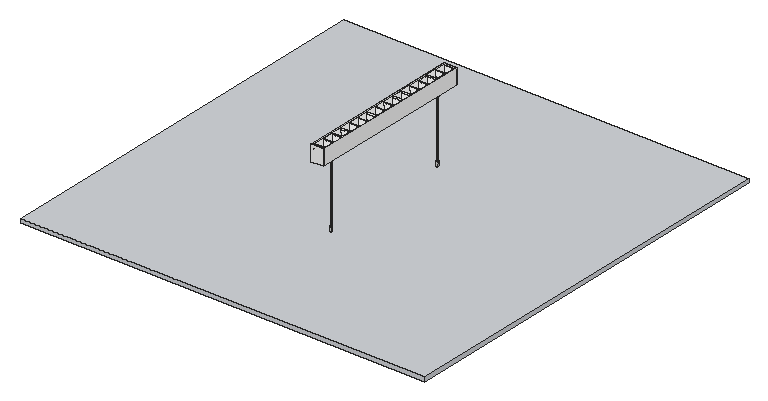
Revit family "Zumtobel SLOTLIGHT INF II MSC", category Lighting Fixtures, host Face, Revit 2018
Family settings
  Host = Face
  Round Connector Dimension = Use Diameter
  Part Type = Normal
  OmniClass Number = 23.80.70.11
  OmniClass Title = Luminaries for Internal Lighting
  Cut with Voids When Loaded = No
  Light Source = Yes
  Shared = No
  Room Calculation Point = No
Parameters (values of type "SLN2 MSC 3500-840 L1000 MC LDE WHM")
  Width = 76 mm  # constant formula
  Wattage = 23.8316 W
  built-in parameter 1150110 = 1 (stored number, unit not read)
  Voltage = 230 V
  URL = "http://www.zumtobel.com/42945583"
  Type Comments = "© Zumtobel. We reserve the right to make technical changes without prior notice."  # constant formula
  built-in parameter 1114217 = 1 (stored number, unit not read)
  Tilt Angle = -90.00°
  built-in parameter 1150109 = 1 (stored number, unit not read)
  built-in parameter 1150134 = 12
  Suspension Value [instance] = if(Suspension Height = 0 mm, 103 mm, if(Suspension Height < 0 mm, 103 mm, Suspension Height))  # 500 mm
  Suspension Height [instance] = 500 mm
  built-in parameter 1150113 = 1 (stored number, unit not read)
  SLN2-B = not(Minicell)  # no
  Photometric Web File = "42945583_(STD_LEO).IES"
  Opaque Cover [instance] = no
  Model = "42945583+22903548"
  Minicell = yes
  Manufacturer = "Zumtobel Lighting"  # constant formula
  built-in parameter 1150105 = 281.7 (stored number, unit not read)
  Lumens = 3540 lm
  built-in parameter 1150115 = 1 (stored number, unit not read)
  built-in parameter 1150137 = (empty or 0)
  built-in parameter 1150139 = (empty or 0)
  Length = 1000 mm
  built-in parameter 1150112 = 1 (stored number, unit not read)
  built-in parameter 1150114 = 1 (stored number, unit not read)
  Lamp = "LED"
  built-in parameter 1150132 = 2
  built-in parameter 1150102 = (empty or 0)
  built-in parameter 1150107 = 4000 (stored number, unit not read)
  built-in parameter 1150138 = (empty or 0)
  built-in parameter 1150106 = 2.817 (stored number, unit not read)
  Height = 92 mm  # constant formula
  End Cover 2 [instance] = yes
  End Cover 1 [instance] = yes
  Emit from Rectangle Width = Length  # 1000 mm
  Emit from Rectangle Length = 71 mm  # constant formula
  Emit Shape Visible in Rendering = no
  built-in parameter 1150104 = 13.8 (stored number, unit not read)
  Dimming Lamp Color Temperature Shift = <None>
  Description = "SLOTLIGHT Infinity II MSC"  # constant formula
  Default Elevation = 0 mm
  Color Filter = 16777215
  Body [instance] = Zumtobel_Metal_White
  built-in parameter 1114218 = 1 (stored number, unit not read)
  built-in parameter 1150133 = 10 (stored number, unit not read)
  Assembly Code = "D5020200"
  Apparent Load = 26.9 VA
Types (10, lengths in mm): name | Wattage | URL | SLN2-B | Photometric Web File | Model | Minicell | built-in parameter 1150105 | Lumens | Length | built-in parameter 1150106 | Emit from Rectangle Width | Apparent Load
  SLN2 MSC 1600-840 L1000 PC/PCO/DD LDE | 11.108 W | "http://www.zumtobel.com/42189218" | yes | "42189218_(840PC-4000K-diffuse_LEO).IES" | "42189218+22903548" | no | 131.3 (stored number, unit not read) | 1650 lm | 1000 | 1.313 (stored number, unit not read) | 1000 | 13.5 VA
  SLN2 MSC 3500-840 L2000 MC LDE WHM | 47.6633 W | "http://www.zumtobel.com/42945746" | no | "42945746_(STD_LEO).IES" | "42945746+22903552" | yes | 563.41 (stored number, unit not read) | 7080 lm | 2000 | 5.6341 (stored number, unit not read) | 2000 | 54.3 VA
  SLN2 MSC 3500-840 L1750 MC LDE WHM | 41.6717 W | "http://www.zumtobel.com/42945723" | no | "42945723_(STD_LEO).IES" | "42945723+22903551" | yes | 492.58 (stored number, unit not read) | 6190 lm | 1750 | 4.9258 (stored number, unit not read) | 1750 | 47 VA
  SLN2 MSC 3500-840 L1500 MC LDE WHM | 35.7475 W | "http://www.zumtobel.com/42945700" | no | "42945700_(STD_LEO).IES" | "42945700+22903550" | yes | 422.56 (stored number, unit not read) | 5310 lm | 1500 | 4.2256 (stored number, unit not read) | 1500 | 33.4 VA
  SLN2 MSC 1600-840 L2000 PC/PCO/DD LDE | 22.1486 W | "http://www.zumtobel.com/42189222" | yes | "42189222_(840PC-4000K-diffuse_LEO).IES" | "42189222+22903552" | no | 261.81 (stored number, unit not read) | 3290 lm | 2000 | 2.6181 (stored number, unit not read) | 2000 | 25.2 VA
  SLN2 MSC 1600-840 L1750 PC/PCO/DD LDE | 19.3885 W | "http://www.zumtobel.com/42189221" | yes | "42189221_(840PC-4000K-diffuse_LEO).IES" | "42189221+22903551" | no | 229.18 (stored number, unit not read) | 2880 lm | 1750 | 2.2918 (stored number, unit not read) | 1750 | 22.2 VA
  SLN2 MSC 1600-840 L1500 PC/PCO/DD LDE | 16.6283 W | "http://www.zumtobel.com/42189220" | yes | "42189220_(840PC-4000K-diffuse_LEO).IES" | "42189220+22903550" | no | 196.56 (stored number, unit not read) | 2470 lm | 1500 | 1.9656 (stored number, unit not read) | 1500 | 19.2 VA
  SLN2 MSC 1600-840 L1250 PC/PCO/DD LDE | 13.8681 W | "http://www.zumtobel.com/42189219" | yes | "42189219_(840PC-4000K-diffuse_LEO).IES" | "42189219+22903549" | no | 163.93 (stored number, unit not read) | 2060 lm | 1250 | 1.6393 (stored number, unit not read) | 1250 | 16.2 VA
  SLN2 MSC 3500-840 L1250 MC LDE WHM | 29.7559 W | "http://www.zumtobel.com/42945727" | no | "42945727_(STD_LEO).IES" | "42945727+22903549" | yes | 351.73 (stored number, unit not read) | 4420 lm | 1250 | 3.5173 (stored number, unit not read) | 1250 | 33.4 VA
  SLN2 MSC 3500-840 L1000 MC LDE WHM | 23.8316 W | "http://www.zumtobel.com/42945583" | no | "42945583_(STD_LEO).IES" | "42945583+22903548" | yes | 281.7 (stored number, unit not read) | 3540 lm | 1000 | 2.817 (stored number, unit not read) | 1000 | 26.9 VA
Reference planes
  plane 1 "Center (Front/Back)": y = 0
  plane 2 "Top": z = 0
  plane 3 "Center (Left/Right)": x = -0.5
  plane 4: y = 500
  plane 5: y = -500
  plane 6: z = 500
  plane 7: y = 400
Forms (mm)
  Extrusion 1, solid
    sketch origin (0, 0, 0) x (1, 0, 0) y (0, 1, 0)
      loop
        line (-1219.2, 1219.2) -> (-1219.2, -1219.2) -> (1219.2, -1219.2) -> (1219.2, 1219.2) -> (-1219.2, 1219.2)
    from 0 to -25
Dimensions and locks
  equal spacing: plane 4, plane 1 "Center (Front/Back)", plane 5
  "Length": plane 4 to plane 5
  "Suspension Value": plane 6 to plane 2 "Top"
  locked: plane 4 to plane 7 at 100
  locked: connector elem to plane 7
  aligned and locked: plane 2 "Top" to Extrusion 1
  aligned and locked: level to Extrusion 1
  aligned and locked: plane 3 "Center (Left/Right)" to nested 1
  aligned and locked: nested 1 to plane 1 "Center (Front/Back)"
  aligned: imposter light to nested 1
  aligned and locked: plane 3 "Center (Left/Right)" to imposter light
  aligned and locked: imposter light to plane 6
  aligned and locked: plane 2 "Top" to nested 1
Automatic sketch dimensions
  Extrusion 1 sketch curve to Extrusion 1 sketch curve = 2438.4 mm  (x2)
Nested families
  nested 1: "Zumtobel SLOTLIGHT - Body" at (199.5, 197.576, 120), Suspension Height <- "Suspension Height", Cover 1 <- "End Cover 1", Cover 2 <- "End Cover 2", Opaque Cover <- "Opaque Cover", Body <- "Body", type "Zumtobel SLOTLIGHT - Body"
    with Suspension Value 500 mm, Suspension Length 408 mm, Suspension Height 500 mm, Suspension yes, Opaque Cover no, Frame no, Cover 2 yes, Cover 1 yes, Cover Zumtobel_Plastics_Cover_Opaque, Color Light Emitting Surface Zumtobel_PMMA_White, Body Zumtobel_Metal_White, Minicell yes, MSC no
Connectors
  electrical at (-0.5, 400, 0), driven by "Apparent Load", driven by "Voltage", driven by "Apparent Load"
    settings: index 1, voltage 230 V, apparent load 26.9 VA, apparent load phase1 26.9 VA, apparent load phase2 0 VA, apparent load phase3 0 VA, power factor 1, load classification "Lighting", number of poles 1, system type 30, power factor state 1, is connector primary yes, connector utility no, sub classification motor no, connector description "Power"
Definition of nested family "Zumtobel SLOTLIGHT - Body"
  Parameters (values of type "Zumtobel SLOTLIGHT - Body")
    Width = 76 mm
    Voltage = 0
    URL = ""
    Suspension Value [instance] = if(Suspension Height = 0 mm, 103 mm, Suspension Height)  # 250 mm
    Suspension Length [instance] = if(Suspension Height = 0 mm, 500 mm, Suspension Height - 92 mm)  # 158 mm
    Suspension Height [instance] = 250 mm
    Suspension [instance] = not(or(Suspension Height < 0 mm, Suspension Height = 0 mm))  # yes
    Opaque Cover [instance] = yes
    Model = ""
    Minicell = no
    Manufacturer = "Zumtobel Lighting"
    MSC = yes
    Length = 1000 mm
    Lamp = ""
    Frame [instance] = yes
    Emit Shape Visible in Rendering = no
    Description = ""
    Cover 2 [instance] = yes
    Cover 1 [instance] = yes
    Cover [instance] = none
    Color Light Emitting Surface [instance] = none
    Body [instance] = none
    Assembly Code = "D5020200"
    Apparent Load = 0 VA
  Reference planes
    plane 1 "Bottom Body": z = 380
    plane 2 "Center (Left/Right)": x = -200
    plane 3 "Center (Front/Back)": y = -197.576
    plane 4 "Light Source Axis 1": y = -382.129
    plane 5 "Back": y = 302.424
    plane 6 "Front": y = -697.576
    plane 7: x = -162
    plane 8: x = -238
    plane 9 "Top": z = 130
    plane 10 "Bottom": z = -120
    plane 11 "Suspension 2": y = 202.424
    plane 12 "Suspension 1": y = -597.576
    plane 13: z = 357
    plane 14: z = 38
    plane 15: z = 38
    plane 16: z = 27
    plane 17: z = 4
    plane 18 "Cut": z = 127.5
    plane 19: y = -1142.576
    plane 20: y = -1202.576
    plane 21: y = -1152.576
    plane 22: y = -1192.576
    plane 23: y = -1127.576
    plane 24: y = -1087.576
    plane 25: y = -1077.576
    plane 26: y = -1137.576
    plane 27: y = -1062.576
    plane 28: y = -1022.576
    plane 29: y = -1012.576
    plane 30: y = -1072.576
    plane 31: y = -997.576
    plane 32: y = -957.576
    plane 33: y = -947.576
    plane 34: y = -1007.576
    plane 35: y = -932.576
    plane 36: y = -892.576
    plane 37: y = -882.576
    plane 38: y = -942.576
    plane 39: y = -867.576
    plane 40: y = -827.576
    plane 41: y = -817.576
    plane 42: y = -877.576
    plane 43: y = -802.576
    plane 44: y = -762.576
    plane 45: y = -752.576
    plane 46: y = -812.576
    plane 47: y = -737.576
    plane 48: y = -697.576
    plane 49: y = -687.576
    plane 50: y = -747.576
    plane 51: y = -672.576
    plane 52: y = -632.576
    plane 53: y = -622.576
    plane 54: y = -682.576
    plane 55: y = -607.576
    plane 56: y = -567.576
    plane 57: y = -557.576
    plane 58: y = -617.576
    plane 59: y = -542.576
    plane 60: y = -502.576
    plane 61: y = -492.576
    plane 62: y = -552.576
    plane 63: y = -477.576
    plane 64: y = -437.576
    plane 65: y = -427.576
    plane 66: y = -487.576
    plane 67: y = -412.576
    plane 68: y = -372.576
    plane 69: y = -362.576
    plane 70: y = -422.576
    plane 71: y = -347.576
    plane 72: y = -307.576
    plane 73: y = -297.576
    plane 74: y = -357.576
    plane 75: y = -282.576
    plane 76: y = -242.576
    plane 77: y = -232.576
    plane 78: y = -292.576
    plane 79: y = -217.576
    plane 80: y = -177.576
    plane 81: y = -167.576
    plane 82: y = -227.576
    plane 83: y = -152.576
    plane 84: y = -112.576
    plane 85: y = -102.576
    plane 86: y = -162.576
    plane 87: y = -87.576
    plane 88: y = -47.576
    plane 89: y = -37.576
    plane 90: y = -97.576
    plane 91: y = -22.576
    plane 92: y = 17.424
    plane 93: y = 27.424
    plane 94: y = -32.576
    plane 95: y = 42.424
    plane 96: y = 82.424
    plane 97: y = 92.424
    plane 98: y = 32.424
    plane 99: y = 107.424
    plane 100: y = 147.424
    plane 101: y = 157.424
    plane 102: y = 97.424
    plane 103: y = 172.424
    plane 104: y = 212.424
    plane 105: y = 222.424
    plane 106: y = 162.424
    plane 107: y = 237.424
    plane 108: y = 277.424
    plane 109: y = 287.424
    plane 110: y = 227.424
    plane 111: y = 302.424
    plane 112: y = 342.424
    plane 113: y = 352.424
    plane 114: y = 292.424
    plane 115: y = 367.424
    plane 116: y = 407.424
    plane 117: y = 417.424
    plane 118: y = 357.424
    plane 119: y = 432.424
    plane 120: y = 472.424
    plane 121: y = 482.424
    plane 122: y = 422.424
    plane 123: y = 497.424
    plane 124: y = 537.424
    plane 125: y = 547.424
    plane 126: y = 487.424
    plane 127: y = 562.424
    plane 128: y = 602.424
    plane 129: y = 612.424
    plane 130: y = 627.424
    plane 131: y = 667.424
    plane 132: y = 677.424
    plane 133: y = 692.424
    plane 134: y = 732.424
    plane 135: y = 742.424
    plane 136: y = 757.424
    plane 137: y = 797.424
    plane 138: y = 807.424
    plane 139 "2": y = 212.424
    plane 140 "3": y = 192.424
    plane 141 "4": y = -607.576
    plane 142 "5": y = -587.576
    plane 143: z = -95
    plane 144 "6": y = -700.576
    plane 145 "7": y = 305.424
  Forms (mm)
    Extrusion 1, solid, visible <- "Suspension", detail levels medium+fine
      sketch origin (0, 0, -120) x (1, 0, 0) y (0, 1, 0)
        loop
          circle (-200, 202.424) r 1.5
        loop
          circle (-200, -597.576) r 1.5
      from 25 to 124
    Extrusion 2, solid, visible <- "Suspension", detail levels medium+fine
      sketch origin (0, 0, -40) x (1, 0, 0) y (0, 1, 0)
        loop
          circle (-200, 202.424) r 5
        loop
          circle (-200, -597.576) r 5
      from 44 to 67
    Sweep 3, solid, material <- "Body", visible <- "MSC", detail levels medium+fine
      path origin (0, 0, 130) x (-1, 0, 0) y (0, -1, 0)
        loop
          line (200, 697.576) -> (200, -302.424)
      profile "Zumtobel SLOTLIGHT INF Profile : Zumtobel SLOTLIGHT INF Profile" origin (-200, -197.576, 130) x (-1, 0, 0) y (0, 0, 1)
        loop
          line (-38, -92) -> (-35.5, -92) -> (-35.5, -87) -> (35.5, -87) -> (35.5, -92) -> (38, -92) -> (38, 0) -> (35.5, 0) -> (35.5, -5) -> (33, -5) -> (33, -2.5) -> (-33, -2.5) -> (-33, -5) -> (-35.5, -5) -> (-35.5, 0) -> (-38, 0) -> (-38, -92)
    Sweep 4, solid, detail levels medium+fine
      path origin (0, 0, 130) x (-1, 0, 0) y (0, -1, 0)
        loop
          line (200, -192.424) -> (200, -212.424)
      profile "Zumtobel SLOTLIGHT INF Clip Profile : Zumtobel SLOTLIGHT INF Clip Profile" origin (-200, 202.424, 130) x (-1, 0, 0) y (0, 0, 1)
        loop
          line (-20.008, -87) -> (-20.008, -92) -> (-13.657, -103) -> (13.657, -103) -> (20.008, -92) -> (20.008, -87) -> (-20.008, -87)
    Sweep 5, solid, detail levels medium+fine
      path origin (0, -395.153, 130) x (-1, 0, 0) y (0, 1, 0)
        loop
          line (200, -192.424) -> (200, -212.424)
      profile "Zumtobel SLOTLIGHT INF Clip Profile : Zumtobel SLOTLIGHT INF Clip Profile" origin (-200, -597.576, 130) x (1, 0, 0) y (0, 0, 1)
        loop
          line (20.008, -87) -> (-20.008, -87) -> (-20.008, -92) -> (-13.657, -103) -> (13.657, -103) -> (20.008, -92) -> (20.008, -87)
    Sweep 6, solid, material <- "Body", visible <- "Cover 2", detail levels medium+fine
      path origin (0, 0, 130) x (-1, 0, 0) y (0, -1, 0)
        loop
          line (200, -302.424) -> (200, -305.424)
      profile "Zumtobel SLOTLIGHT INF Cover : Zumtobel SLOTLIGHT INF Cover" origin (-200, 303.924, 130) x (-1, 0, 0) y (0, 0, 1)
        loop
          line (-38, -92) -> (38, -92) -> (38, 0) -> (-38, 0) -> (-38, -92)
    Sweep 7, solid, material <- "Body", visible <- "Cover 1", detail levels medium+fine
      path origin (0, -395.153, 130) x (-1, 0, 0) y (0, 1, 0)
        loop
          line (200, -302.424) -> (200, -305.424)
      profile "Zumtobel SLOTLIGHT INF Cover : Zumtobel SLOTLIGHT INF Cover" origin (-200, -699.076, 130) x (1, 0, 0) y (0, 0, 1)
        loop
          line (38, -92) -> (38, 0) -> (-38, 0) -> (-38, -92) -> (38, -92)
    Sweep 8, solid, material <- "Body", visible <- "Minicell", detail levels medium+fine
      path origin (0, 0, 130) x (-1, 0, 0) y (0, -1, 0)
        loop
          line (200, 697.576) -> (200, -302.424)
      profile "Zumtobel SLOTLIGHT INF Profile : Zumtobel SLOTLIGHT INF Profile" origin (-200, -197.576, 130) x (-1, 0, 0) y (0, 0, 1)
        loop
          line (-38, -92) -> (-35.5, -92) -> (-35.5, -87) -> (35.5, -87) -> (35.5, -92) -> (38, -92) -> (38, 0) -> (35.5, 0) -> (35.5, -5) -> (33, -5) -> (33, -2.5) -> (-33, -2.5) -> (-33, -5) -> (-35.5, -5) -> (-35.5, 0) -> (-38, 0) -> (-38, -92)
    Blend 9, void
      base sketch origin (-1000, 0, 127.5) x (-1, 0, 0) y (0, -1, 0)
        loop
          line (-770.305, 1202.576) -> (-830.305, 1202.576) -> (-830.305, 1142.576) -> (-770.305, 1142.576) -> (-770.305, 1202.576)
      top sketch origin (-1000, 0, 127.5) x (-1, 0, 0) y (0, -1, 0)
        loop
          line (-780.305, 1192.576) -> (-820.305, 1192.576) -> (-820.305, 1152.576) -> (-780.305, 1152.576) -> (-780.305, 1192.576)
      from 0 to -30
    Blend 10, void
      base sketch origin (-1000, 0, 127.5) x (-1, 0, 0) y (0, -1, 0)
        loop
          line (-770.305, 1137.576) -> (-830.305, 1137.576) -> (-830.305, 1077.576) -> (-770.305, 1077.576) -> (-770.305, 1137.576)
      top sketch origin (-1000, 0, 127.5) x (-1, 0, 0) y (0, -1, 0)
        loop
          line (-780.305, 1127.576) -> (-820.305, 1127.576) -> (-820.305, 1087.576) -> (-780.305, 1087.576) -> (-780.305, 1127.576)
      from 0 to -30
    Blend 11, void
      base sketch origin (-1000, 65, 127.5) x (-1, 0, 0) y (0, -1, 0)
        loop
          line (-770.305, 1137.576) -> (-830.305, 1137.576) -> (-830.305, 1077.576) -> (-770.305, 1077.576) -> (-770.305, 1137.576)
      top sketch origin (-1000, 65, 127.5) x (-1, 0, 0) y (0, -1, 0)
        loop
          line (-780.305, 1127.576) -> (-820.305, 1127.576) -> (-820.305, 1087.576) -> (-780.305, 1087.576) -> (-780.305, 1127.576)
      from 0 to -30
    Blend 12, void
      base sketch origin (-1000, 130, 127.5) x (-1, 0, 0) y (0, -1, 0)
        loop
          line (-770.305, 1137.576) -> (-830.305, 1137.576) -> (-830.305, 1077.576) -> (-770.305, 1077.576) -> (-770.305, 1137.576)
      top sketch origin (-1000, 130, 127.5) x (-1, 0, 0) y (0, -1, 0)
        loop
          line (-780.305, 1127.576) -> (-820.305, 1127.576) -> (-820.305, 1087.576) -> (-780.305, 1087.576) -> (-780.305, 1127.576)
      from 0 to -30
    Blend 13, void
      base sketch origin (-1000, 195, 127.5) x (-1, 0, 0) y (0, -1, 0)
        loop
          line (-770.305, 1137.576) -> (-830.305, 1137.576) -> (-830.305, 1077.576) -> (-770.305, 1077.576) -> (-770.305, 1137.576)
      top sketch origin (-1000, 195, 127.5) x (-1, 0, 0) y (0, -1, 0)
        loop
          line (-780.305, 1127.576) -> (-820.305, 1127.576) -> (-820.305, 1087.576) -> (-780.305, 1087.576) -> (-780.305, 1127.576)
      from 0 to -30
    Blend 14, void
      base sketch origin (-1000, 260, 127.5) x (-1, 0, 0) y (0, -1, 0)
        loop
          line (-770.305, 1137.576) -> (-830.305, 1137.576) -> (-830.305, 1077.576) -> (-770.305, 1077.576) -> (-770.305, 1137.576)
      top sketch origin (-1000, 260, 127.5) x (-1, 0, 0) y (0, -1, 0)
        loop
          line (-780.305, 1127.576) -> (-820.305, 1127.576) -> (-820.305, 1087.576) -> (-780.305, 1087.576) -> (-780.305, 1127.576)
      from 0 to -30
    Blend 15, void
      base sketch origin (-1000, 325, 127.5) x (-1, 0, 0) y (0, -1, 0)
        loop
          line (-770.305, 1137.576) -> (-830.305, 1137.576) -> (-830.305, 1077.576) -> (-770.305, 1077.576) -> (-770.305, 1137.576)
      top sketch origin (-1000, 325, 127.5) x (-1, 0, 0) y (0, -1, 0)
        loop
          line (-780.305, 1127.576) -> (-820.305, 1127.576) -> (-820.305, 1087.576) -> (-780.305, 1087.576) -> (-780.305, 1127.576)
      from 0 to -30
    Blend 16, void
      base sketch origin (-1000, 390, 127.5) x (-1, 0, 0) y (0, -1, 0)
        loop
          line (-770.305, 1137.576) -> (-830.305, 1137.576) -> (-830.305, 1077.576) -> (-770.305, 1077.576) -> (-770.305, 1137.576)
      top sketch origin (-1000, 390, 127.5) x (-1, 0, 0) y (0, -1, 0)
        loop
          line (-780.305, 1127.576) -> (-820.305, 1127.576) -> (-820.305, 1087.576) -> (-780.305, 1087.576) -> (-780.305, 1127.576)
      from 0 to -30
    Blend 17, void
      base sketch origin (-1000, 455, 127.5) x (-1, 0, 0) y (0, -1, 0)
        loop
          line (-770.305, 1137.576) -> (-830.305, 1137.576) -> (-830.305, 1077.576) -> (-770.305, 1077.576) -> (-770.305, 1137.576)
      top sketch origin (-1000, 455, 127.5) x (-1, 0, 0) y (0, -1, 0)
        loop
          line (-780.305, 1127.576) -> (-820.305, 1127.576) -> (-820.305, 1087.576) -> (-780.305, 1087.576) -> (-780.305, 1127.576)
      from 0 to -30
    Blend 18, void
      base sketch origin (-1000, 520, 127.5) x (-1, 0, 0) y (0, -1, 0)
        loop
          line (-770.305, 1137.576) -> (-830.305, 1137.576) -> (-830.305, 1077.576) -> (-770.305, 1077.576) -> (-770.305, 1137.576)
      top sketch origin (-1000, 520, 127.5) x (-1, 0, 0) y (0, -1, 0)
        loop
          line (-780.305, 1127.576) -> (-820.305, 1127.576) -> (-820.305, 1087.576) -> (-780.305, 1087.576) -> (-780.305, 1127.576)
      from 0 to -30
    Blend 19, void
      base sketch origin (-1000, 585, 127.5) x (-1, 0, 0) y (0, -1, 0)
        loop
          line (-770.305, 1137.576) -> (-830.305, 1137.576) -> (-830.305, 1077.576) -> (-770.305, 1077.576) -> (-770.305, 1137.576)
      top sketch origin (-1000, 585, 127.5) x (-1, 0, 0) y (0, -1, 0)
        loop
          line (-780.305, 1127.576) -> (-820.305, 1127.576) -> (-820.305, 1087.576) -> (-780.305, 1087.576) -> (-780.305, 1127.576)
      from 0 to -30
    Blend 20, void
      base sketch origin (-1000, 650, 127.5) x (-1, 0, 0) y (0, -1, 0)
        loop
          line (-770.305, 1137.576) -> (-830.305, 1137.576) -> (-830.305, 1077.576) -> (-770.305, 1077.576) -> (-770.305, 1137.576)
      top sketch origin (-1000, 650, 127.5) x (-1, 0, 0) y (0, -1, 0)
        loop
          line (-780.305, 1127.576) -> (-820.305, 1127.576) -> (-820.305, 1087.576) -> (-780.305, 1087.576) -> (-780.305, 1127.576)
      from 0 to -30
    Blend 21, void
      base sketch origin (-1000, 715, 127.5) x (-1, 0, 0) y (0, -1, 0)
        loop
          line (-770.305, 1137.576) -> (-830.305, 1137.576) -> (-830.305, 1077.576) -> (-770.305, 1077.576) -> (-770.305, 1137.576)
      top sketch origin (-1000, 715, 127.5) x (-1, 0, 0) y (0, -1, 0)
        loop
          line (-780.305, 1127.576) -> (-820.305, 1127.576) -> (-820.305, 1087.576) -> (-780.305, 1087.576) -> (-780.305, 1127.576)
      from 0 to -30
    Blend 22, void
      base sketch origin (-1000, 780, 127.5) x (-1, 0, 0) y (0, -1, 0)
        loop
          line (-770.305, 1137.576) -> (-830.305, 1137.576) -> (-830.305, 1077.576) -> (-770.305, 1077.576) -> (-770.305, 1137.576)
      top sketch origin (-1000, 780, 127.5) x (-1, 0, 0) y (0, -1, 0)
        loop
          line (-780.305, 1127.576) -> (-820.305, 1127.576) -> (-820.305, 1087.576) -> (-780.305, 1087.576) -> (-780.305, 1127.576)
      from 0 to -30
    Blend 23, void
      base sketch origin (-1000, 845, 127.5) x (-1, 0, 0) y (0, -1, 0)
        loop
          line (-770.305, 1137.576) -> (-830.305, 1137.576) -> (-830.305, 1077.576) -> (-770.305, 1077.576) -> (-770.305, 1137.576)
      top sketch origin (-1000, 845, 127.5) x (-1, 0, 0) y (0, -1, 0)
        loop
          line (-780.305, 1127.576) -> (-820.305, 1127.576) -> (-820.305, 1087.576) -> (-780.305, 1087.576) -> (-780.305, 1127.576)
      from 0 to -30
    Blend 24, void
      base sketch origin (-1000, 910, 127.5) x (-1, 0, 0) y (0, -1, 0)
        loop
          line (-770.305, 1137.576) -> (-830.305, 1137.576) -> (-830.305, 1077.576) -> (-770.305, 1077.576) -> (-770.305, 1137.576)
      top sketch origin (-1000, 910, 127.5) x (-1, 0, 0) y (0, -1, 0)
        loop
          line (-780.305, 1127.576) -> (-820.305, 1127.576) -> (-820.305, 1087.576) -> (-780.305, 1087.576) -> (-780.305, 1127.576)
      from 0 to -30
    Blend 25, void
      base sketch origin (-1000, 975, 127.5) x (-1, 0, 0) y (0, -1, 0)
        loop
          line (-770.305, 1137.576) -> (-830.305, 1137.576) -> (-830.305, 1077.576) -> (-770.305, 1077.576) -> (-770.305, 1137.576)
      top sketch origin (-1000, 975, 127.5) x (-1, 0, 0) y (0, -1, 0)
        loop
          line (-780.305, 1127.576) -> (-820.305, 1127.576) -> (-820.305, 1087.576) -> (-780.305, 1087.576) -> (-780.305, 1127.576)
      from 0 to -30
    Blend 26, void
      base sketch origin (-1000, 1040, 127.5) x (-1, 0, 0) y (0, -1, 0)
        loop
          line (-770.305, 1137.576) -> (-830.305, 1137.576) -> (-830.305, 1077.576) -> (-770.305, 1077.576) -> (-770.305, 1137.576)
      top sketch origin (-1000, 1040, 127.5) x (-1, 0, 0) y (0, -1, 0)
        loop
          line (-780.305, 1127.576) -> (-820.305, 1127.576) -> (-820.305, 1087.576) -> (-780.305, 1087.576) -> (-780.305, 1127.576)
      from 0 to -30
    Blend 27, void
      base sketch origin (-1000, 1105, 127.5) x (-1, 0, 0) y (0, -1, 0)
        loop
          line (-770.305, 1137.576) -> (-830.305, 1137.576) -> (-830.305, 1077.576) -> (-770.305, 1077.576) -> (-770.305, 1137.576)
      top sketch origin (-1000, 1105, 127.5) x (-1, 0, 0) y (0, -1, 0)
        loop
          line (-780.305, 1127.576) -> (-820.305, 1127.576) -> (-820.305, 1087.576) -> (-780.305, 1087.576) -> (-780.305, 1127.576)
      from 0 to -30
    Blend 28, void
      base sketch origin (-1000, 1170, 127.5) x (-1, 0, 0) y (0, -1, 0)
        loop
          line (-770.305, 1137.576) -> (-830.305, 1137.576) -> (-830.305, 1077.576) -> (-770.305, 1077.576) -> (-770.305, 1137.576)
      top sketch origin (-1000, 1170, 127.5) x (-1, 0, 0) y (0, -1, 0)
        loop
          line (-780.305, 1127.576) -> (-820.305, 1127.576) -> (-820.305, 1087.576) -> (-780.305, 1087.576) -> (-780.305, 1127.576)
      from 0 to -30
    Blend 29, void
      base sketch origin (-1000, 1235, 127.5) x (-1, 0, 0) y (0, -1, 0)
        loop
          line (-770.305, 1137.576) -> (-830.305, 1137.576) -> (-830.305, 1077.576) -> (-770.305, 1077.576) -> (-770.305, 1137.576)
      top sketch origin (-1000, 1235, 127.5) x (-1, 0, 0) y (0, -1, 0)
        loop
          line (-780.305, 1127.576) -> (-820.305, 1127.576) -> (-820.305, 1087.576) -> (-780.305, 1087.576) -> (-780.305, 1127.576)
      from 0 to -30
    Blend 30, void
      base sketch origin (-1000, 1300, 127.5) x (-1, 0, 0) y (0, -1, 0)
        loop
          line (-770.305, 1137.576) -> (-830.305, 1137.576) -> (-830.305, 1077.576) -> (-770.305, 1077.576) -> (-770.305, 1137.576)
      top sketch origin (-1000, 1300, 127.5) x (-1, 0, 0) y (0, -1, 0)
        loop
          line (-780.305, 1127.576) -> (-820.305, 1127.576) -> (-820.305, 1087.576) -> (-780.305, 1087.576) -> (-780.305, 1127.576)
      from 0 to -30
    Blend 31, void
      base sketch origin (-1000, 1365, 127.5) x (-1, 0, 0) y (0, -1, 0)
        loop
          line (-770.305, 1137.576) -> (-830.305, 1137.576) -> (-830.305, 1077.576) -> (-770.305, 1077.576) -> (-770.305, 1137.576)
      top sketch origin (-1000, 1365, 127.5) x (-1, 0, 0) y (0, -1, 0)
        loop
          line (-780.305, 1127.576) -> (-820.305, 1127.576) -> (-820.305, 1087.576) -> (-780.305, 1087.576) -> (-780.305, 1127.576)
      from 0 to -30
    Blend 32, void
      base sketch origin (-1000, 1430, 127.5) x (-1, 0, 0) y (0, -1, 0)
        loop
          line (-770.305, 1137.576) -> (-830.305, 1137.576) -> (-830.305, 1077.576) -> (-770.305, 1077.576) -> (-770.305, 1137.576)
      top sketch origin (-1000, 1430, 127.5) x (-1, 0, 0) y (0, -1, 0)
        loop
          line (-780.305, 1127.576) -> (-820.305, 1127.576) -> (-820.305, 1087.576) -> (-780.305, 1087.576) -> (-780.305, 1127.576)
      from 0 to -30
    Blend 33, void
      base sketch origin (-1000, 1495, 127.5) x (-1, 0, 0) y (0, -1, 0)
        loop
          line (-770.305, 1137.576) -> (-830.305, 1137.576) -> (-830.305, 1077.576) -> (-770.305, 1077.576) -> (-770.305, 1137.576)
      top sketch origin (-1000, 1495, 127.5) x (-1, 0, 0) y (0, -1, 0)
        loop
          line (-780.305, 1127.576) -> (-820.305, 1127.576) -> (-820.305, 1087.576) -> (-780.305, 1087.576) -> (-780.305, 1127.576)
      from 0 to -30
    Blend 34, void
      base sketch origin (-1000, 1560, 127.5) x (-1, 0, 0) y (0, -1, 0)
        loop
          line (-770.305, 1137.576) -> (-830.305, 1137.576) -> (-830.305, 1077.576) -> (-770.305, 1077.576) -> (-770.305, 1137.576)
      top sketch origin (-1000, 1560, 127.5) x (-1, 0, 0) y (0, -1, 0)
        loop
          line (-780.305, 1127.576) -> (-820.305, 1127.576) -> (-820.305, 1087.576) -> (-780.305, 1087.576) -> (-780.305, 1127.576)
      from 0 to -30
    Blend 35, void
      base sketch origin (-1000, 1625, 127.5) x (-1, 0, 0) y (0, -1, 0)
        loop
          line (-770.305, 1137.576) -> (-830.305, 1137.576) -> (-830.305, 1077.576) -> (-770.305, 1077.576) -> (-770.305, 1137.576)
      top sketch origin (-1000, 1625, 127.5) x (-1, 0, 0) y (0, -1, 0)
        loop
          line (-780.305, 1127.576) -> (-820.305, 1127.576) -> (-820.305, 1087.576) -> (-780.305, 1087.576) -> (-780.305, 1127.576)
      from 0 to -30
    Blend 36, void
      base sketch origin (-1000, 1690, 127.5) x (-1, 0, 0) y (0, -1, 0)
        loop
          line (-770.305, 1137.576) -> (-830.305, 1137.576) -> (-830.305, 1077.576) -> (-770.305, 1077.576) -> (-770.305, 1137.576)
      top sketch origin (-1000, 1690, 127.5) x (-1, 0, 0) y (0, -1, 0)
        loop
          line (-780.305, 1127.576) -> (-820.305, 1127.576) -> (-820.305, 1087.576) -> (-780.305, 1087.576) -> (-780.305, 1127.576)
      from 0 to -30
    Blend 37, void
      base sketch origin (-1000, 1755, 127.5) x (-1, 0, 0) y (0, -1, 0)
        loop
          line (-770.305, 1137.576) -> (-830.305, 1137.576) -> (-830.305, 1077.576) -> (-770.305, 1077.576) -> (-770.305, 1137.576)
      top sketch origin (-1000, 1755, 127.5) x (-1, 0, 0) y (0, -1, 0)
        loop
          line (-780.305, 1127.576) -> (-820.305, 1127.576) -> (-820.305, 1087.576) -> (-780.305, 1087.576) -> (-780.305, 1127.576)
      from 0 to -30
    Blend 38, void
      base sketch origin (-1000, 1820, 127.5) x (-1, 0, 0) y (0, -1, 0)
        loop
          line (-770.305, 1137.576) -> (-830.305, 1137.576) -> (-830.305, 1077.576) -> (-770.305, 1077.576) -> (-770.305, 1137.576)
      top sketch origin (-1000, 1820, 127.5) x (-1, 0, 0) y (0, -1, 0)
        loop
          line (-780.305, 1127.576) -> (-820.305, 1127.576) -> (-820.305, 1087.576) -> (-780.305, 1087.576) -> (-780.305, 1127.576)
      from 0 to -30
    Blend 39, void
      base sketch origin (-1000, 1885, 127.5) x (-1, 0, 0) y (0, -1, 0)
        loop
          line (-770.305, 1137.576) -> (-830.305, 1137.576) -> (-830.305, 1077.576) -> (-770.305, 1077.576) -> (-770.305, 1137.576)
      top sketch origin (-1000, 1885, 127.5) x (-1, 0, 0) y (0, -1, 0)
        loop
          line (-780.305, 1127.576) -> (-820.305, 1127.576) -> (-820.305, 1087.576) -> (-780.305, 1087.576) -> (-780.305, 1127.576)
      from 0 to -30
    Sweep 40, solid, material <- "Cover", visible <- "Opaque Cover", detail levels medium+fine
      path origin (-100, 0, 130) x (-1, 0, 0) y (0, -1, 0)
        loop
          line (100, 697.576) -> (100, -302.424)
      profile "Zumtobel SLOTLIGHT INF Profile Opaque Cover : Zumtobel SLOTLIGHT INF Profile Opaque Cover" origin (-200, -197.576, 130) x (-1, 0, 0) y (0, 0, 1)
        loop
          line (-35.5, -2.5) -> (35.5, -2.5) -> (35.5, 0) -> (-35.5, 0) -> (-35.5, -2.5)
    Extrusion 41, solid, visible <- "Suspension", detail levels medium+fine
      sketch origin (0, 0, -145) x (1, 0, 0) y (0, 1, 0)
        loop
          circle (-200, 202.424) r 5
        loop
          circle (-200, -597.576) r 5
      from 25 to 50
  Cuts and joins
    Blend 9, Blend 10, Blend 11, Blend 12, Blend 13, Blend 14, Blend 15, Blend 16, Blend 17, Blend 18, Blend 19, Blend 20, Blend 21, Blend 22, Blend 23, Blend 24, Blend 25, Blend 26, Blend 27, Blend 28, Blend 29, Blend 30, Blend 31, Blend 32, Blend 33, Blend 34, Blend 35, Blend 36, Blend 37, Blend 38, Blend 39 cuts Sweep 8
  Lines and regions (mm)
    symbolic lines, detail levels coarse
      curve 1: line (-238, -697.576, -120) -> (-162, -697.576, -120)
    model lines
      curve 2: line (-238, 302.424, 130) -> (-162, 302.424, 130)
    model lines, detail levels coarse
      curve 3: line (-200, 302.424, 130) -> (-200, -697.576, 130)
      curve 4: line (-238, 302.424, 130) -> (-162, 302.424, 130)
      curve 5: line (-238, -697.576, 130) -> (-162, -697.576, 130)
  Dimensions and locks
    locked: plane 3 "Center (Front/Back)" to plane 4 "Light Source Axis 1" at 184.553
    equal spacing: plane 5 "Back", plane 3 "Center (Front/Back)", plane 6 "Front"
    "Length": plane 5 "Back" to plane 6 "Front"
    equal spacing: plane 8, plane 2 "Center (Left/Right)", plane 7
    "Width": plane 8 to plane 7
    locked: plane 12 "Suspension 1" to plane 6 "Front" at 100
    locked: plane 5 "Back" to plane 11 "Suspension 2" at 100
    locked: plane 9 "Top" to plane 14 at 92
    "Suspension Length": plane 15 to plane 10 "Bottom"
    "Suspension Value": plane 9 "Top" to plane 10 "Bottom"
    plane 15 to plane 16 to plane 17 = 11 mm locked, 23 mm locked
    locked: plane 9 "Top" to plane 18 "Cut" at 2.5
    plane 139 "2" to plane 11 "Suspension 2" to plane 140 "3" = 10 mm locked, 10 mm locked
    plane 141 "4" to plane 12 "Suspension 1" to plane 142 "5" = 10 mm locked, 10 mm locked
    locked: plane 6 "Front" to plane 144 "6" at 3
    locked: plane 145 "7" to plane 5 "Back" at 3
    aligned and locked: level to plane 10 "Bottom"
    aligned: plane 1 "Bottom Body" to Extrusion 2
    aligned and locked: plane 8 to curve 1
    aligned and locked: curve 1 to plane 7
    aligned and locked: curve 1 to plane 6 "Front"
    aligned and locked: Sweep 3 sketch curve to plane 2 "Center (Left/Right)"
    aligned and locked: plane 5 "Back" to Sweep 3 sketch curve
    aligned and locked: plane 6 "Front" to Sweep 3 sketch curve
    aligned and locked: plane 17 to Extrusion 1
    aligned and locked: Extrusion 2 to plane 17
    aligned and locked: plane 16 to Extrusion 2
    aligned and locked: plane 21 to Blend 9 sketch curve
    aligned and locked: Blend 9 sketch curve to plane 22
    aligned and locked: Blend 9 sketch curve to plane 19
    aligned and locked: plane 20 to Blend 9 sketch curve
    aligned and locked: plane 24 to Blend 10 sketch curve
    aligned and locked: Blend 10 sketch curve to plane 23
    aligned and locked: Blend 10 sketch curve to plane 25
    aligned and locked: plane 26 to Blend 10 sketch curve
    aligned and locked: plane 28 to Blend 11 sketch curve
    aligned and locked: Blend 11 sketch curve to plane 27
    aligned and locked: Blend 11 sketch curve to plane 29
    aligned and locked: plane 30 to Blend 11 sketch curve
    aligned and locked: plane 32 to Blend 12 sketch curve
    aligned and locked: Blend 12 sketch curve to plane 31
    aligned and locked: Blend 12 sketch curve to plane 33
    aligned and locked: plane 34 to Blend 12 sketch curve
    aligned and locked: plane 36 to Blend 13 sketch curve
    aligned and locked: Blend 13 sketch curve to plane 35
    aligned and locked: Blend 13 sketch curve to plane 37
    aligned and locked: plane 38 to Blend 13 sketch curve
    aligned and locked: plane 40 to Blend 14 sketch curve
    aligned and locked: Blend 14 sketch curve to plane 39
    aligned and locked: Blend 14 sketch curve to plane 41
    aligned and locked: plane 42 to Blend 14 sketch curve
    aligned and locked: plane 44 to Blend 15 sketch curve
    aligned and locked: Blend 15 sketch curve to plane 43
    aligned and locked: Blend 15 sketch curve to plane 45
    aligned and locked: plane 46 to Blend 15 sketch curve
    aligned and locked: plane 48 to Blend 16 sketch curve
    aligned and locked: Blend 16 sketch curve to plane 47
    aligned and locked: Blend 16 sketch curve to plane 49
    aligned and locked: plane 50 to Blend 16 sketch curve
    aligned and locked: plane 52 to Blend 17 sketch curve
    aligned and locked: Blend 17 sketch curve to plane 51
    aligned and locked: Blend 17 sketch curve to plane 53
    aligned and locked: plane 54 to Blend 17 sketch curve
    aligned and locked: plane 56 to Blend 18 sketch curve
    aligned and locked: Blend 18 sketch curve to plane 55
    aligned and locked: Blend 18 sketch curve to plane 57
    aligned and locked: plane 58 to Blend 18 sketch curve
    aligned and locked: plane 60 to Blend 19 sketch curve
    aligned and locked: Blend 19 sketch curve to plane 59
    aligned and locked: Blend 19 sketch curve to plane 61
    aligned and locked: plane 62 to Blend 19 sketch curve
    aligned and locked: plane 64 to Blend 20 sketch curve
    aligned and locked: Blend 20 sketch curve to plane 63
    aligned and locked: Blend 20 sketch curve to plane 65
    aligned and locked: plane 66 to Blend 20 sketch curve
    aligned and locked: plane 68 to Blend 21 sketch curve
    aligned and locked: Blend 21 sketch curve to plane 67
    aligned and locked: Blend 21 sketch curve to plane 69
    aligned and locked: plane 70 to Blend 21 sketch curve
    aligned and locked: plane 72 to Blend 22 sketch curve
    aligned and locked: Blend 22 sketch curve to plane 71
    aligned and locked: Blend 22 sketch curve to plane 73
    aligned and locked: plane 74 to Blend 22 sketch curve
    aligned and locked: plane 76 to Blend 23 sketch curve
    aligned and locked: Blend 23 sketch curve to plane 75
    aligned and locked: Blend 23 sketch curve to plane 77
    aligned and locked: plane 78 to Blend 23 sketch curve
    aligned and locked: plane 80 to Blend 24 sketch curve
    aligned and locked: Blend 24 sketch curve to plane 79
    aligned and locked: Blend 24 sketch curve to plane 81
    aligned and locked: plane 82 to Blend 24 sketch curve
    aligned and locked: plane 84 to Blend 25 sketch curve
    aligned and locked: Blend 25 sketch curve to plane 83
    aligned and locked: Blend 25 sketch curve to plane 85
    aligned and locked: plane 86 to Blend 25 sketch curve
    aligned and locked: plane 88 to Blend 26 sketch curve
    aligned and locked: Blend 26 sketch curve to plane 87
    aligned and locked: Blend 26 sketch curve to plane 89
    aligned and locked: plane 90 to Blend 26 sketch curve
    aligned and locked: plane 92 to Blend 27 sketch curve
    aligned and locked: Blend 27 sketch curve to plane 91
    aligned and locked: Blend 27 sketch curve to plane 93
    aligned and locked: plane 94 to Blend 27 sketch curve
    aligned and locked: plane 96 to Blend 28 sketch curve
    aligned and locked: Blend 28 sketch curve to plane 95
    aligned and locked: Blend 28 sketch curve to plane 97
    aligned and locked: plane 98 to Blend 28 sketch curve
    aligned and locked: plane 100 to Blend 29 sketch curve
    aligned and locked: Blend 29 sketch curve to plane 99
    aligned and locked: Blend 29 sketch curve to plane 101
    aligned and locked: plane 102 to Blend 29 sketch curve
    aligned and locked: plane 104 to Blend 30 sketch curve
    aligned and locked: Blend 30 sketch curve to plane 103
    aligned and locked: Blend 30 sketch curve to plane 105
    aligned and locked: plane 106 to Blend 30 sketch curve
    aligned and locked: plane 108 to Blend 31 sketch curve
    aligned and locked: Blend 31 sketch curve to plane 107
    aligned and locked: Blend 31 sketch curve to plane 109
    aligned and locked: plane 110 to Blend 31 sketch curve
    aligned and locked: plane 112 to Blend 32 sketch curve
    aligned and locked: Blend 32 sketch curve to plane 111
    aligned and locked: Blend 32 sketch curve to plane 113
    aligned and locked: plane 114 to Blend 32 sketch curve
    aligned and locked: plane 116 to Blend 33 sketch curve
    aligned and locked: Blend 33 sketch curve to plane 115
    aligned and locked: Blend 33 sketch curve to plane 117
    aligned and locked: plane 118 to Blend 33 sketch curve
    aligned and locked: plane 120 to Blend 34 sketch curve
    aligned and locked: Blend 34 sketch curve to plane 119
    aligned and locked: Blend 34 sketch curve to plane 121
    aligned and locked: plane 122 to Blend 34 sketch curve
    aligned and locked: plane 124 to Blend 35 sketch curve
    aligned and locked: Blend 35 sketch curve to plane 123
    aligned and locked: Blend 35 sketch curve to plane 125
    aligned and locked: plane 126 to Blend 35 sketch curve
    aligned and locked: plane 128 to Blend 36 sketch curve
    aligned and locked: Blend 36 sketch curve to plane 127
    aligned and locked: Blend 36 sketch curve to plane 129
    aligned and locked: plane 131 to Blend 37 sketch curve
    aligned and locked: Blend 37 sketch curve to plane 130
    aligned and locked: Blend 37 sketch curve to plane 132
    aligned and locked: plane 134 to Blend 38 sketch curve
    aligned and locked: Blend 38 sketch curve to plane 133
    aligned and locked: Blend 38 sketch curve to plane 135
    aligned and locked: plane 137 to Blend 39 sketch curve
    aligned and locked: Blend 39 sketch curve to plane 136
    aligned and locked: Blend 39 sketch curve to plane 138
    aligned and locked: plane 142 "5" to Sweep 5 sketch curve
    aligned and locked: plane 141 "4" to Sweep 5 sketch curve
    aligned and locked: plane 139 "2" to Sweep 4 sketch curve
    aligned and locked: plane 140 "3" to Sweep 4 sketch curve
    aligned and locked: plane 5 "Back" to Sweep 40 sketch curve
    aligned and locked: plane 6 "Front" to Sweep 40 sketch curve
    aligned and locked: Extrusion 1 to plane 143
    aligned and locked: plane 143 to Extrusion 41
    aligned and locked: Extrusion 41 to plane 10 "Bottom"
    aligned and locked: plane 144 "6" to Sweep 7 sketch curve
    aligned and locked: plane 6 "Front" to Sweep 7 sketch curve
    aligned and locked: plane 5 "Back" to Sweep 6 sketch curve
    aligned and locked: plane 145 "7" to Sweep 6 sketch curve
  Automatic sketch dimensions
    Extrusion 1 sketch curve to plane 2 "Center (Left/Right)" = 0 mm  (x2)
    plane 12 "Suspension 1" to Extrusion 1 sketch curve = 0 mm
    Extrusion 1 sketch curve to plane 11 "Suspension 2" = 0 mm
    Extrusion 2 sketch curve to plane 2 "Center (Left/Right)" = 0 mm  (x2)
    plane 12 "Suspension 1" to Extrusion 2 sketch curve = 0 mm
    Extrusion 2 sketch curve to plane 11 "Suspension 2" = 0 mm
    Sweep 4 sketch curve to plane 2 "Center (Left/Right)" = 0 mm
    Sweep 5 sketch curve to plane 2 "Center (Left/Right)" = 0 mm
    Sweep 6 sketch curve to plane 2 "Center (Left/Right)" = 0 mm
    Sweep 7 sketch curve to plane 2 "Center (Left/Right)" = 0 mm
    Sweep 8 sketch curve to plane 2 "Center (Left/Right)" = 0 mm
    Sweep 8 sketch curve to plane 5 "Back" = 0 mm
    Sweep 8 sketch curve to plane 6 "Front" = 0 mm
    Blend 9 sketch curve to plane 7 = 7.695 mm
    Blend 9 sketch curve to plane 8 = 8.305 mm
    Blend 9 sketch curve to plane 7 = 17.695 mm
    Blend 9 sketch curve to plane 8 = 18.305 mm
    Blend 10 sketch curve to plane 7 = 7.695 mm
    Blend 10 sketch curve to plane 8 = 8.305 mm
    Blend 10 sketch curve to plane 7 = 17.695 mm
    Blend 10 sketch curve to plane 8 = 18.305 mm
    Blend 11 sketch curve to plane 7 = 7.695 mm
    Blend 11 sketch curve to plane 8 = 8.305 mm
    Blend 11 sketch curve to plane 7 = 17.695 mm
    Blend 11 sketch curve to plane 8 = 18.305 mm
    Blend 12 sketch curve to plane 7 = 7.695 mm
    Blend 12 sketch curve to plane 8 = 8.305 mm
    Blend 12 sketch curve to plane 7 = 17.695 mm
    Blend 12 sketch curve to plane 8 = 18.305 mm
    Blend 13 sketch curve to plane 7 = 7.695 mm
    Blend 13 sketch curve to plane 8 = 8.305 mm
    Blend 13 sketch curve to plane 7 = 17.695 mm
    Blend 13 sketch curve to plane 8 = 18.305 mm
    Blend 14 sketch curve to plane 7 = 7.695 mm
    Blend 14 sketch curve to plane 8 = 8.305 mm
    Blend 14 sketch curve to plane 7 = 17.695 mm
    Blend 14 sketch curve to plane 8 = 18.305 mm
    Blend 15 sketch curve to plane 7 = 7.695 mm
    Blend 15 sketch curve to plane 8 = 8.305 mm
    Blend 15 sketch curve to plane 7 = 17.695 mm
    Blend 15 sketch curve to plane 8 = 18.305 mm
    Blend 16 sketch curve to plane 7 = 7.695 mm
    Blend 16 sketch curve to plane 8 = 8.305 mm
    Blend 16 sketch curve to plane 7 = 17.695 mm
    Blend 16 sketch curve to plane 8 = 18.305 mm
    Blend 17 sketch curve to plane 7 = 7.695 mm
    Blend 17 sketch curve to plane 8 = 8.305 mm
    Blend 17 sketch curve to plane 7 = 17.695 mm
    Blend 17 sketch curve to plane 8 = 18.305 mm
    Blend 18 sketch curve to plane 7 = 7.695 mm
    Blend 18 sketch curve to plane 8 = 8.305 mm
    Blend 18 sketch curve to plane 7 = 17.695 mm
    Blend 18 sketch curve to plane 8 = 18.305 mm
    Blend 19 sketch curve to plane 7 = 7.695 mm
    Blend 19 sketch curve to plane 8 = 8.305 mm
    Blend 19 sketch curve to plane 7 = 17.695 mm
    Blend 19 sketch curve to plane 8 = 18.305 mm
    Blend 20 sketch curve to plane 7 = 7.695 mm
    Blend 20 sketch curve to plane 8 = 8.305 mm
    Blend 20 sketch curve to plane 7 = 17.695 mm
    Blend 20 sketch curve to plane 8 = 18.305 mm
    Blend 21 sketch curve to plane 7 = 7.695 mm
    Blend 21 sketch curve to plane 8 = 8.305 mm
    Blend 21 sketch curve to plane 7 = 17.695 mm
    Blend 21 sketch curve to plane 8 = 18.305 mm
    Blend 22 sketch curve to plane 7 = 7.695 mm
    Blend 22 sketch curve to plane 8 = 8.305 mm
    Blend 22 sketch curve to plane 7 = 17.695 mm
    Blend 22 sketch curve to plane 8 = 18.305 mm
    Blend 23 sketch curve to plane 7 = 7.695 mm
    Blend 23 sketch curve to plane 8 = 8.305 mm
    Blend 23 sketch curve to plane 7 = 17.695 mm
    Blend 23 sketch curve to plane 8 = 18.305 mm
    Blend 24 sketch curve to plane 7 = 7.695 mm
    Blend 24 sketch curve to plane 8 = 8.305 mm
    Blend 24 sketch curve to plane 7 = 17.695 mm
    Blend 24 sketch curve to plane 8 = 18.305 mm
    Blend 25 sketch curve to plane 7 = 7.695 mm
    Blend 25 sketch curve to plane 8 = 8.305 mm
    Blend 25 sketch curve to plane 7 = 17.695 mm
    Blend 25 sketch curve to plane 8 = 18.305 mm
    Blend 26 sketch curve to plane 7 = 7.695 mm
    Blend 26 sketch curve to plane 8 = 8.305 mm
    Blend 26 sketch curve to plane 7 = 17.695 mm
    Blend 26 sketch curve to plane 8 = 18.305 mm
    Blend 27 sketch curve to plane 7 = 7.695 mm
    Blend 27 sketch curve to plane 8 = 8.305 mm
    Blend 27 sketch curve to plane 7 = 17.695 mm
    Blend 27 sketch curve to plane 8 = 18.305 mm
    Blend 28 sketch curve to plane 7 = 7.695 mm
    Blend 28 sketch curve to plane 8 = 8.305 mm
    Blend 28 sketch curve to plane 7 = 17.695 mm
    Blend 28 sketch curve to plane 8 = 18.305 mm
    Blend 29 sketch curve to plane 7 = 7.695 mm
    Blend 29 sketch curve to plane 8 = 8.305 mm
    Blend 29 sketch curve to plane 7 = 17.695 mm
    Blend 29 sketch curve to plane 8 = 18.305 mm
    Blend 30 sketch curve to plane 7 = 7.695 mm
    Blend 30 sketch curve to plane 8 = 8.305 mm
    Blend 30 sketch curve to plane 7 = 17.695 mm
    Blend 30 sketch curve to plane 8 = 18.305 mm
    Blend 31 sketch curve to plane 7 = 7.695 mm
    Blend 31 sketch curve to plane 8 = 8.305 mm
    Blend 31 sketch curve to plane 7 = 17.695 mm
    Blend 31 sketch curve to plane 8 = 18.305 mm
    Blend 32 sketch curve to plane 7 = 7.695 mm
    Blend 32 sketch curve to plane 8 = 8.305 mm
    Blend 32 sketch curve to plane 7 = 17.695 mm
    Blend 32 sketch curve to plane 8 = 18.305 mm
    Blend 33 sketch curve to plane 7 = 7.695 mm
    Blend 33 sketch curve to plane 8 = 8.305 mm
    Blend 33 sketch curve to plane 7 = 17.695 mm
    Blend 33 sketch curve to plane 8 = 18.305 mm
    Blend 34 sketch curve to plane 7 = 7.695 mm
    Blend 34 sketch curve to plane 8 = 8.305 mm
    Blend 34 sketch curve to plane 7 = 17.695 mm
    Blend 34 sketch curve to plane 8 = 18.305 mm
    Blend 35 sketch curve to plane 7 = 7.695 mm
    Blend 35 sketch curve to plane 8 = 8.305 mm
    Blend 35 sketch curve to plane 7 = 17.695 mm
    Blend 35 sketch curve to plane 8 = 18.305 mm
    Blend 36 sketch curve to plane 7 = 7.695 mm
    Blend 36 sketch curve to plane 8 = 8.305 mm
    plane 125 to Blend 36 sketch curve = 5 mm
    Blend 36 sketch curve to plane 7 = 17.695 mm
    Blend 36 sketch curve to plane 8 = 18.305 mm
    Blend 37 sketch curve to plane 7 = 7.695 mm
    Blend 37 sketch curve to plane 8 = 8.305 mm
    plane 129 to Blend 37 sketch curve = 5 mm
    Blend 37 sketch curve to plane 7 = 17.695 mm
    Blend 37 sketch curve to plane 8 = 18.305 mm
    Blend 38 sketch curve to plane 7 = 7.695 mm
    Blend 38 sketch curve to plane 8 = 8.305 mm
    plane 132 to Blend 38 sketch curve = 5 mm
    Blend 38 sketch curve to plane 7 = 17.695 mm
    Blend 38 sketch curve to plane 8 = 18.305 mm
    Blend 39 sketch curve to plane 7 = 7.695 mm
    Blend 39 sketch curve to plane 8 = 8.305 mm
    plane 135 to Blend 39 sketch curve = 5 mm
    Blend 39 sketch curve to plane 7 = 17.695 mm
    Blend 39 sketch curve to plane 8 = 18.305 mm
    Sweep 40 sketch curve to plane 2 "Center (Left/Right)" = 0 mm
    Extrusion 41 sketch curve to plane 2 "Center (Left/Right)" = 0 mm  (x2)
    plane 12 "Suspension 1" to Extrusion 41 sketch curve = 0 mm
    Extrusion 41 sketch curve to plane 11 "Suspension 2" = 0 mm
    curve 4 to plane 5 "Back" = 0 mm
    curve 4 to plane 7 = 0 mm
    curve 2 to plane 5 "Back" = 0 mm
    curve 2 to plane 7 = 0 mm
    curve 5 to plane 6 "Front" = 0 mm
    curve 5 to plane 7 = 0 mm
    curve 5 to plane 8 = 0 mm
    curve 2 to plane 8 = 0 mm
    curve 4 to plane 8 = 0 mm
    curve 3 to plane 2 "Center (Left/Right)" = 0 mm
    radius of Extrusion 1 sketch curve = 1.5 mm  (x2)
    radius of Extrusion 2 sketch curve = 5 mm  (x2)
    radius of Extrusion 41 sketch curve = 5 mm  (x2)
